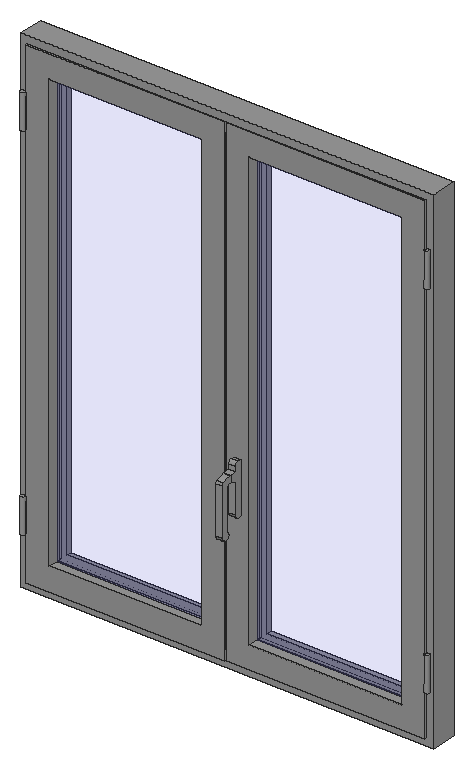
Revit family "2014_Ventana_Carpinteria-Practicable-2-Hojas_Alugom_Serie-ALG-75-Máxima", category Ventanas, Revit 2014
Parameters (values of type "Ventana 2 Hojas Practicables 1230x1480 mm")
  Ventana Oscilante [instance] = no
  Ventana Batiente [instance] = yes
  Uniclass 2.0 Descripción = "Door and window systems"  # constant formula
  Uniclass 2.0 Código = "25-30"  # constant formula
  URL Producto = "http://www.alugom.com/Catalogo/tabid/336/ProdID/31/Language/es-ES/CatID/2/ventana_practicable_de_camara_europea_de_75_mm_con_RPT.aspx"
  URL Poliamida – Catálogo = "http://www.technoform.com/fileadmin/Technoform_Bautec/standardprofiles.html"
  URL Poliamida = "http://www.technoform.es/"
  URL = "http://www.alugom.com/"
  UNSPSC Código = "Windows"  # constant formula
  UNSPSC Categoría = "30171600"  # constant formula
  Transmitancia térmica** = "1.3 W(m²K)"  # constant formula
  Teléfono de Contacto = "+34 91 616 47 27"  # constant formula
  Sección de Marco = 75.000 mm  # constant formula
  Sección de Hoja = 82.000 mm  # constant formula
  Resistencia al viento* = "CLASE C5"  # constant formula
  Poliamida = Poliamida, Technoform Bautec, PA66 GF 25
  Peso máxima por hoja [instance] = if(and(Ventana Batiente, not(Ventana Oscilante)), "120 Kg", if(and(Ventana Oscilante, not([Herraje Oculto Hoja Oscilo-Batiente])), "130 Kg", if(and(Ventana Oscilante, [Herraje Oculto Hoja Oscilo-Batiente]), "170 Kg", "120 Kg")))  # "120 Kg"
  Permeabilidad al aire* = "CLASE 4"  # constant formula
  PERFILES_Junquillo 22mm_Vertical = 4
  PERFILES_Junquillo 22mm_Horizontal = 4
  PERFILES_8428-Vierteaguas_Horizontal = 2
  PERFILES_8412-Pletina falleba_Vertical = 0
  PERFILES_16088H-Acople inversora alg 75_Vertical = 1
  PERFILES_16070H-Cerco ventana alg 75_Vertical = 2
  PERFILES_16070H-Cerco ventana alg 75_Horizontal = 2
  PERFILES_16064H-Hoja ventana alg 75_Vertical = 4
  PERFILES_16064H-Hoja ventana alg 75_Horizontal = 4
  Omniclass Título = "Casment Window"  # constant formula
  Omniclass Código = "23.30.20.17.21.21"  # constant formula
  Modelo = "Serie ALG 75 MAXIMA"  # constant formula
  Masterformat Descripción = "Aluminium Windows"  # constant formula
  Masterformat Código = "08 51 13"  # constant formula
  Marco = Aluminio
  Manija [instance] = if(or(Ventana Oscilante, Ventana Batiente), 1 = 1, 1 = 0)  # yes
  Línea Proyección = (Anchura / 2) - (2 * 12.250 mm)  # 590.500 mm
  IFC Clasificación = ""
  Herraje Oculto Hoja Oscilo-Batiente [instance] = no
  Grosor Acristalamiento Control = if(Grosor Acristalamiento < 26.500 mm, 26.500 mm, if(Grosor Acristalamiento > 60.500 mm, 60.500 mm, Grosor Acristalamiento))  # 39.000 mm
  Grosor Acristalamiento = 39.000 mm
  Fecha Revisión de Contenido = "20/10/2015"  # constant formula
  Fecha de Caducidad de la Información = "01/01/2017"  # constant formula
  Fabricante = "Grupo ALUGOM"  # constant formula
  Estanqueidad al aire* = "CLASE E1650"  # constant formula
  Email de Contacto = "alugom@alugom.com"  # constant formula
  Detalle Perfileria 16088H+16070H + 16064H [instance] = yes
  Desfase Interior Real [instance] = Desfase Interior + 75.000 mm  # 75.000 mm
  Desfase Interior [instance] = 0.000 mm
  Descripción = "Ventana 2 hojas practicables con rotura de puente térmico"  # constant formula
  Creado por = "Bimetica Parametric Design Services S.L."  # constant formula
  Configuración de poliamidas = "Poliamidas P66 GF25Technoform Bautec de la serie Standar. Referencias: 429300, 268400, 425100, 380000 "  # constant formula
  Comentarios de tipo = "UNA VENTANA TOP CON LA EFICIENCIA ENERGETICA DEL FUTURO\r\nCon la nueva ALG 75 MAXIMA y su valor medio Uf de 1,26 W/m2K el ahorro en calefacción está asegurado. Este sistema de carpintería posee una eficiencia energética mayor que muchas ventanas de PVC o madera, satisfaciendo los requisitos mas exigentes en aislamiento térmico. Y todo ello, sin renunciar a las ventajas de resistencia, durabilidad, elegancia y posibilidades de diseño del aluminio. Estos increíbles valores de aislamiento térmico se consiguen mediante las poliamidas de 'alas' y 'celdas', la doble junta central y la colocación de 'foam' por debajo del cristal.\r\nSe trata de un sistema de carpintería de tres cámaras con rotura de puente térmico para puertas y ventanas, que con un diseño robusto, una gran versatilidad  y un alto aislamiento térmico, está especialmente diseñado para que el montaje sea fácil. La hoja de 81 mm de esta ventana permite hasta 60 mm de galce, pudiéndose realizar grandes ventanales para mejorar el confort y la luminosidad de las viviendas o edificios. \r\n\r\nVentana de elegante sofisticación ideal para quien busque una arquitectura sostenible con un diseño vanguardista."  # constant formula
  COBie Categoría = ""
  Bimetica = "http://www.bimetica.com"
  Anchura Real = if(Anchura < 500.000 mm, 500.000 mm, if(Anchura > (2 * 1700.000 mm), 2 * 1700.000 mm, Anchura))  # 1230.000 mm
  Altura Real = if(Altura < 500.000 mm, 500.000 mm, if(Altura > 2500.000 mm, 2500.000 mm, Altura))  # 1480.000 mm
  Altura Manija [instance] = 500.000 mm
  Altura Cristal = Altura - 73.050 mm  # 1406.950 mm
  Altura Hoja = Altura - 27.000 mm  # 1453.000 mm
  Altura = 1480.000 mm
  Altura de antepecho por defecto = 900.000 mm
  Cierre de muro = Por anfitrión
  Anchura = 1230.000 mm
  Aislamiento acústico*** = "40 (-2,-6) dB"  # constant formula
  Acristalamiento = Vidrio
  ACCESORIOS_5105-Ángulo vulcanizado junta central = 8
  ACCESORIOS_5085 Junta perimetral hoja alg (L) = 2
  ACCESORIOS_5085 Junta perimetral hoja alg (H) = 4
  ACCESORIOS_5079-Manilla Inox recta = 1
  ACCESORIOS_5074-Refuerzo junta central (L) = 2
  ACCESORIOS_5074-Refuerzo junta central (H) = 3
  ACCESORIOS_5073-Junta central alg (L) = 2
  ACCESORIOS_5073-Junta central alg (H) = 3
  ACCESORIOS_4850-Junta exterior acrist. c/alas (L) = 2
  ACCESORIOS_4850-Junta exterior acrist. c/alas (H) = 4
  ACCESORIOS_4847-Escuadra cerco-hoja = 12
  ACCESORIOS_4739-Terminal pletina metálico = 2
  ACCESORIOS_4720-Cerradero lateral doble = 2
  ACCESORIOS_4710-Escuadra alineamiento (14mm) = 20
  ACCESORIOS_4613-Mecanismo cuadradillo pract. = 1
  ACCESORIOS_4390-Bisagra pract. = 4
  ACCESORIOS_4337-Embellecedor salida agua = 2
  ACCESORIOS_4008-Patín apoyo hoja = 1
  ACCESORIOS_1306-Escuadra exterior = 12
  *** Info = "Ventana de 2 hojas de 1230x1480 mm; Vidrio Rw: 40 (-2,-6) dB"  # constant formula
  ** Info = "Ventana de 1 hoja de 1230x1480 mm; Vidrio Uv: 0,7W(m²K) "  # constant formula
  * Info = "Ventana de 2 hojas de 1230x1480 mm"  # constant formula
Reference planes
  plane 1 "Centro (Frontal/Posterior)": y = 0
  plane 2 "Centro (Izquierda/Derecha)": x = 0
  plane 3 "Izquierda": x = -615
  plane 4 "Derecha": x = 615
  plane 5 "Antepecho": z = 900
  plane 6 "Extremo inicial": z = 2380
  plane 7 "Exterior": y = 100
  plane 8 "Interior": y = -100
  plane 9 "centro carpinteria": y = -25
  plane 10 "Manija": x = 37.001
  plane 11 "altura Manija": z = 1400
Forms (mm)
  Sweep 1, solid, material "Aluminio" <- "Marco", detail levels medium+fine
    path origin (0, -25, 0) x (-1, 0, 0) y (0, 0, 1)
      loop
        line (-615, 2380) -> (-615, 900) -> (615, 900) -> (615, 2380) -> (-615, 2380)
    profile origin (615, -25, 1640) x (0, 1, 0) y (-1, 0, 0)
      loop
        line (0, 0) -> (0, 49) -> (-4, 49) -> (-4, 27) -> (-75, 27) -> (-75, 0) -> (0, 0)
  Sweep 2, solid, material "Aluminio" <- "Marco", detail levels medium+fine
    path origin (0, -25, 0) x (-1, 0, 0) y (0, 0, 1)
      loop
        line (-615, 900) -> (18, 900) -> (18, 2380) -> (-615, 2380) -> (-615, 900)
    profile origin (615, -25, 1640) x (1, 0, 0) y (0, 1, 0)
      loop
        line (-37.27, -48.401) -> (-37.27, -16) -> (-48.463, -16) -> (-48.463, -6.4) -> (-45.497, -6.4) -> (-45.497, -5) -> (-54.995, -5) -> (-54.995, 0) -> (-89.002, 0) -> (-89.002, -15.203) -> (-64.982, -15.203) -> (-64.982, -34.703) -> (-64.982, -54.203) -> (-89.002, -54.203) -> (-89.002, -82) -> (-21, -82) -> (-21, -78.5) -> (-38.502, -78.5) -> (-38.502, -53.6) -> (-46.466, -53.6) -> (-46.466, -48.401) -> (-37.27, -48.401)
  Sweep 3, solid, material "Aluminio" <- "Marco", detail levels coarse
    path origin (0, -25, 0) x (-1, 0, 0) y (0, 0, 1)
      loop
        line (-615, 2380) -> (-615, 900) -> (615, 900) -> (615, 2380) -> (-615, 2380)
    profile origin (0, -25, 2380) x (0, 0, 1) y (0, 1, 0)
      loop
        line (0, 0) -> (-64.982, 0) -> (-64.982, -75) -> (0, -75) -> (0, 0)
  Extrusion 4, solid, material "Vidrio" <- "Acristalamiento"
    sketch origin (0, 0, 900) x (0, -1, 0) y (1, 0, 0)
      loop
        line (40.203, -541.95) -> (79.203, -541.95) -> (79.203, -55.054) -> (40.203, -55.054) -> (40.203, -541.95)
      loop
        line (40.203, 541.95) -> (40.203, 55.054) -> (79.203, 55.054) -> (79.203, 541.95) -> (40.203, 541.95)
    from 73.05 to 1406.95 <- "Altura Cristal"
  Extrusion 5, solid, material "Aluminio" <- "Marco", visible <- "Manija", detail levels fine
    sketch origin (0, 0, 900) x (0, -1, 0) y (1, 0, 0)
      loop
        arc (101.388, -604.904) -> (114.477, -605.41) -> (104.842, -596.538) r 6.979
        arc (104.842, -596.538) -> (103.415, -596.377) -> (103.009, -595) r 1.298
        line (103.009, -595) -> (103.009, -580.199) -> (103.886, -579.322) -> (103.886, -573.807) -> (101.986, -573.807) -> (101.986, -576.498) -> (78.764, -576.498) -> (78.764, -588) -> (100, -588) -> (100, -600.631) -> (101.388, -604.904)
      loop
        line (101.388, 604.904) -> (100, 600.631) -> (100, 588) -> (78.764, 588) -> (78.764, 576.498) -> (101.986, 576.498) -> (101.986, 573.807) -> (103.886, 573.807) -> (103.886, 579.322) -> (103.009, 580.199) -> (103.009, 595)
        arc (103.009, 595) -> (103.415, 596.377) -> (104.842, 596.538) r 1.298
        arc (104.842, 596.538) -> (114.477, 605.41) -> (101.388, 604.904) r 6.979
    from 150 to 250
  Extrusion 6, solid, material "Aluminio" <- "Marco", visible <- "Manija", detail levels fine
    sketch origin (0, 0, 2380) x (0, -1, 0) y (1, 0, 0)
      loop
        arc (101.388, -604.904) -> (114.477, -605.41) -> (104.842, -596.538) r 6.979
        arc (104.842, -596.538) -> (103.415, -596.377) -> (103.009, -595) r 1.298
        line (103.009, -595) -> (103.009, -580.199) -> (103.886, -579.322) -> (103.886, -573.807) -> (101.986, -573.807) -> (101.986, -576.498) -> (78.764, -576.498) -> (78.764, -588) -> (100, -588) -> (100, -600.631) -> (101.388, -604.904)
      loop
        line (101.388, 604.904) -> (100, 600.631) -> (100, 588) -> (78.764, 588) -> (78.764, 576.498) -> (101.986, 576.498) -> (101.986, 573.807) -> (103.886, 573.807) -> (103.886, 579.322) -> (103.009, 580.199) -> (103.009, 595)
        arc (103.009, 595) -> (103.415, 596.377) -> (104.842, 596.538) r 1.298
        arc (104.842, 596.538) -> (114.477, 605.41) -> (101.388, 604.904) r 6.979
    from -150 to -250
  Extrusion 7, solid, material "Aluminio" <- "Marco", visible <- "Manija", detail levels fine
    sketch origin (37.001, 0, 0) x (0, -1, 0) y (0, 0, 1)
      loop
        line (107, 1325) -> (117, 1325)
        arc (117, 1325) -> (124.071, 1327.929) -> (127, 1335) r 10
        line (127, 1335) -> (127, 1425.581) -> (145.126, 1428.452) -> (145.126, 1448.452) -> (127, 1451.323) -> (127, 1465)
        arc (127, 1465) -> (124.071, 1472.071) -> (117, 1475) r 10
        line (117, 1475) -> (107, 1475) -> (107, 1325)
    from -10 to 10
  Extrusion 8, solid, material "Aluminio" <- "Marco", visible <- "Manija", detail levels fine
    sketch origin (37.001, 0, 0) x (0, -1, 0) y (0, 0, 1)
      loop
        line (145.126, 1428.452) -> (155.126, 1428.452)
        arc (155.126, 1428.452) -> (158.662, 1426.988) -> (160.126, 1423.452) r 5
        line (160.126, 1423.452) -> (160.126, 1302.519)
        arc (160.126, 1302.519) -> (159.505, 1284.55) -> (175.126, 1293.452) r 10.295
        line (175.126, 1293.452) -> (175.126, 1434.132)
        arc (175.126, 1434.132) -> (174.063, 1437.737) -> (171.473, 1440.461) r 8.011
        arc (171.473, 1440.461) -> (158.662, 1445.651) -> (145.126, 1448.452) r 76.54
        line (145.126, 1448.452) -> (145.126, 1428.452)
    from -10 to 10
  Extrusion 9, solid, material "Aluminio" <- "Marco", detail levels medium+fine
    sketch origin (0, 0, 900) x (0, -1, 0) y (1, 0, 0)
      loop
        line (29.697, -31) -> (29.697, -27.199) -> (31.497, -27.199) -> (31.497, -29.362) -> (38.6, -29.362) -> (38.6, -19.27) -> (73.4, -19.27) -> (73.4, -20.3) -> (103.197, -20.3) -> (103.197, -3) -> (99.997, -3) -> (99.997, 8.988) -> (36.8, 8.988) -> (36.8, 1.298) -> (29, 1.298) -> (29, 30.998) -> (25, 30.998) -> (25, -31) -> (29.697, -31)
    from 49 to 1431
  Sweep 10, solid, material "Aluminio" <- "Marco", detail levels medium+fine
    path origin (0, -25, 0) x (-1, 0, 0) y (0, 0, 1)
      loop
        line (615, 900) -> (615, 2380) -> (-18, 2380) -> (-18, 900) -> (615, 900)
    profile origin (-615, -25, 1640) x (1, 0, 0) y (0, 1, 0)
      loop
        line (37.27, -48.401) -> (46.466, -48.401) -> (46.466, -53.6) -> (38.502, -53.6) -> (38.502, -78.5) -> (21, -78.5) -> (21, -82) -> (89.002, -82) -> (89.002, -54.203) -> (64.982, -54.203) -> (64.982, -34.703) -> (64.982, -15.203) -> (89.002, -15.203) -> (89.002, 0) -> (54.995, 0) -> (54.995, -5) -> (45.497, -5) -> (45.497, -6.4) -> (48.463, -6.4) -> (48.463, -16) -> (37.27, -16) -> (37.27, -48.401)
  Extrusion 11, solid, material "Aluminio" <- "Marco", detail levels coarse
    sketch origin (0, 0, 900) x (0, -1, 0) y (1, 0, 0)
      loop
        line (25, 46.982) -> (25, -46.982) -> (100, -46.982) -> (100, 46.982) -> (25, 46.982)
    from 64.982 to 1415.018
Lines and regions (mm)
  Opening 1
    outline origin (3500, -100, 0) x (1, 0, 0) y (0, 0, 1)
      loop
        line (-2885, 900) -> (-2885, 2380) -> (-4115, 2380) -> (-4115, 900) -> (-2885, 900)
  model lines
    curve 1: line (-615, -25, 2380) -> (615, -25, 2380)
    curve 2: line (615, -25, 2380) -> (615, -25, 900)
    curve 3: line (615, -25, 900) -> (-615, -25, 900)
    curve 4: line (-615, -25, 900) -> (-615, -25, 2380)
  symbolic lines, visible <- "Ventana Batiente"
    curve 5: line (-602.748, -108.026, 0) -> (-602.748, -698.526, 0)
    curve 6: line (-615, -25, 2380) -> (0, -25, 1640)
    curve 7: line (0, -25, 1640) -> (-615, -25, 900)
    curve 8: arc (-602.748, -698.526, 900) -> (-185.201, -525.572, 900) -> (-12.248, -108.026, 900) r 590.5
    curve 19: line (602.748, -108.026, 0) -> (602.748, -698.526, 0)
    curve 24: arc (602.748, -698.526, 900) -> (185.201, -525.572, 900) -> (12.248, -108.026, 900) r 590.5
    curve 25: line (615, -25, 2380) -> (0, -25, 1640)
    curve 26: line (0, -25, 1640) -> (615, -25, 900)
  symbolic lines, detail levels medium+fine
    curve 9: line (-541.95, -74.203, 900) -> (-55.054, -74.203, 900)
    curve 10: line (-55.054, -45.203, 900) -> (-541.95, -45.203, 900)
    curve 11: line (-55.054, -57.203, 900) -> (-541.95, -57.203, 900)
    curve 12: line (-55.054, -62.203, 900) -> (-541.95, -62.203, 900)
    curve 13: line (-615, -45.203, 2306.95) -> (-615, -45.203, 973.05)
    curve 14: line (-615, -57.203, 2306.95) -> (-615, -57.203, 973.05)
    curve 15: line (-615, -62.203, 2306.95) -> (-615, -62.203, 973.05)
    curve 16: line (-615, -74.203, 2306.95) -> (-615, -74.203, 973.05)
    curve 17: line (-541.95, -40.203, 900) -> (-541.95, -79.203, 900)
    curve 18: line (541.95, -40.203, 900) -> (541.95, -79.203, 900)
    curve 20: line (541.95, -74.203, 900) -> (55.054, -74.203, 900)
    curve 21: line (55.054, -45.203, 900) -> (541.95, -45.203, 900)
    curve 22: line (55.054, -57.203, 900) -> (541.95, -57.203, 900)
    curve 23: line (55.054, -62.203, 900) -> (541.95, -62.203, 900)
    curve 29: line (-55.054, -40.203, 900) -> (-55.054, -79.203, 900)
    curve 30: line (55.054, -40.203, 900) -> (55.054, -79.203, 900)
  symbolic lines, visible <- "Ventana Oscilante"
    curve 27: line (615, -25, 900) -> (307.5, -25, 2359)
    curve 28: line (307.5, -25, 2359) -> (0, -25, 900)
Text (mm)
  text "EXTERIOR" at (-1963.203, 1332.353, 0), in view "Nivel de referencia"
  text "INTERIOR" at (-1981.466, -818.386, 0), in view "Nivel de referencia"
  text "Exterior" at (0, 923.751, 2943.296), in view "Derecha"
  text "Exterior" at (0, 1040.484, 2685.409), in view "Izquierda"
Dimensions and locks
  equal spacing: plane 3 "Izquierda", plane 2 "Centro (Izquierda/Derecha)", plane 4 "Derecha"
  "Anchura Real": plane 3 "Izquierda" to plane 4 "Derecha"
  "Altura Real": plane 5 "Antepecho" to plane 6 "Extremo inicial"
  "Altura de antepecho por defecto": plane 5 "Antepecho" to level
  locked: plane 7 "Exterior" to host wall at 0
  locked: plane 8 "Interior" to host wall
  Sweep 3 sketch curve to profile plane = 75.000 mm
  Sweep 3 sketch curve to plane 6 "Extremo inicial" = 64.982 mm
  equal spacing: plane 6 "Extremo inicial", curve 7, plane 5 "Antepecho"
  "Desfase Interior Real": plane 9 "centro carpinteria" to plane 8 "Interior"
  "Línea Proyección": curve 5 to curve 5
  locked: plane 3 "Izquierda" to curve 8 at 12.252
  equal spacing: Sweep 2 sketch curve, Sweep 2 sketch curve, Sweep 2 sketch curve
  "Grosor Acristalamiento Control": Sweep 2 sketch curve to Sweep 2 sketch curve
  locked: plane 3 "Izquierda" to Extrusion 4 sketch curve at 73.05
  plane 3 "Izquierda" to Extrusion 5 sketch curve to Extrusion 5 sketch curve to Extrusion 5 sketch curve to Extrusion 5 sketch curve to Extrusion 5 sketch curve to Extrusion 5 sketch curve to Extrusion 5 sketch curve to Extrusion 5 sketch curve = 12.252 mm locked, 2.116 mm locked, 5.249 mm locked, 7.383 mm locked, 7.801 mm locked, 0.877 mm locked, 2.823 mm locked, 2.691 mm locked
  plane 9 "centro carpinteria" to Extrusion 5 sketch curve to Extrusion 5 sketch curve to Extrusion 5 sketch curve to Extrusion 5 sketch curve to Extrusion 5 sketch curve to Extrusion 5 sketch curve to Extrusion 5 sketch curve to Extrusion 5 sketch curve = 53.764 mm locked, 21.236 mm locked, 1.388 mm locked, 0.598 mm locked, 1.023 mm locked, 0.877 mm locked, 0.363 mm locked, 3.776 mm locked
  Extrusion 6 sketch curve to Extrusion 6 sketch curve to Extrusion 6 sketch curve to Extrusion 6 sketch curve to Extrusion 6 sketch curve to Extrusion 6 sketch curve to Extrusion 6 sketch curve to Extrusion 6 sketch curve = 21.236 mm locked, 1.388 mm locked, 0.598 mm locked, 1.023 mm locked, 0.877 mm locked, 0.363 mm locked, 3.776 mm locked
  locked: plane 9 "centro carpinteria" to Extrusion 6 sketch curve at 53.764
  locked: plane 9 "centro carpinteria" to curve 8 at 83.026
  locked: plane 3 "Izquierda" to curve 5 at 12.252
  locked: plane 9 "centro carpinteria" to curve 5 at 83.026
  plane 9 "centro carpinteria" to curve 13 to curve 14 to curve 15 to curve 16 = 20.203 mm locked, 12.000 mm locked, 5.000 mm locked, 12.000 mm locked
  "Altura Manija": plane 5 "Antepecho" to plane 11 "altura Manija"
  plane 11 "altura Manija" to Extrusion 7 sketch curve to Extrusion 7 sketch curve to Extrusion 7 sketch curve to Extrusion 7 sketch curve to Extrusion 7 sketch curve to Extrusion 7 sketch curve = 25.581 mm locked, 2.871 mm locked, 20.000 mm locked, 2.871 mm locked, 13.677 mm locked, 10.000 mm locked
  Extrusion 7 sketch curve to Extrusion 7 sketch curve to plane 11 "altura Manija" = 10.000 mm locked, 65.000 mm locked
  plane 9 "centro carpinteria" to Extrusion 7 sketch curve to Extrusion 7 sketch curve to Extrusion 7 sketch curve to Extrusion 7 sketch curve = 82.000 mm locked, 10.000 mm locked, 10.000 mm locked, 18.126 mm locked
  locked: plane 9 "centro carpinteria" to Extrusion 7 sketch curve at 102
  plane 11 "altura Manija" to Extrusion 8 sketch curve to Extrusion 8 sketch curve to Extrusion 8 sketch curve to Extrusion 8 sketch curve = 23.452 mm locked, 5.000 mm locked, 5.280 mm locked, 14.720 mm locked
  Extrusion 8 sketch curve to Extrusion 8 sketch curve to Extrusion 8 sketch curve to plane 11 "altura Manija" = 9.158 mm locked, 69.888 mm locked, 27.593 mm locked
  plane 9 "centro carpinteria" to Extrusion 8 sketch curve to Extrusion 8 sketch curve to Extrusion 8 sketch curve to Extrusion 8 sketch curve to Extrusion 8 sketch curve to Extrusion 8 sketch curve to Extrusion 8 sketch curve = 111.444 mm locked, 8.682 mm locked, 10.000 mm locked, 5.000 mm locked, 4.705 mm locked, 2.294 mm locked, 8.001 mm locked
  locked: plane 2 "Centro (Izquierda/Derecha)" to Sweep 10 sketch curve at 18
  equal spacing: Sweep 10 sketch curve, Sweep 10 sketch curve, Sweep 10 sketch curve
  "Grosor Acristalamiento Control": Sweep 10 sketch curve to Sweep 10 sketch curve
  profile plane to Sweep 2 sketch curve to Sweep 2 sketch curve to Sweep 2 sketch curve to Sweep 2 sketch curve to Sweep 2 sketch curve to Sweep 2 sketch curve to Sweep 2 sketch curve to Sweep 2 sketch curve = 5.000 mm locked, 1.400 mm locked, 9.600 mm locked, 18.703 mm locked, 13.698 mm locked, 5.199 mm locked, 24.900 mm locked, 3.500 mm locked
  Sweep 2 sketch curve to Sweep 2 sketch curve to Sweep 2 sketch curve to Sweep 2 sketch curve to Sweep 2 sketch curve to Sweep 2 sketch curve to Sweep 2 sketch curve to Sweep 2 sketch curve to Sweep 2 sketch curve to Sweep 2 sketch curve to Sweep 2 sketch curve to profile plane = 0.000 mm locked, 24.020 mm locked, 0.000 mm locked, 9.987 mm locked, 6.532 mm locked, 1.997 mm locked, 0.969 mm locked, 6.995 mm locked, 1.232 mm locked, 16.270 mm locked, 21.000 mm locked
  profile plane to Sweep 10 sketch curve to Sweep 10 sketch curve to Sweep 10 sketch curve to Sweep 10 sketch curve to Sweep 10 sketch curve to Sweep 10 sketch curve to Sweep 10 sketch curve to Sweep 10 sketch curve to Sweep 10 sketch curve to Sweep 10 sketch curve to Sweep 10 sketch curve = 21.000 mm locked, 16.270 mm locked, 1.232 mm locked, 6.995 mm locked, 0.969 mm locked, 1.997 mm locked, 6.532 mm locked, 9.987 mm locked, 0.000 mm locked, 24.020 mm locked, 0.000 mm locked
  profile plane to Sweep 10 sketch curve to Sweep 10 sketch curve to Sweep 10 sketch curve to Sweep 10 sketch curve to Sweep 10 sketch curve to Sweep 10 sketch curve to Sweep 10 sketch curve to Sweep 10 sketch curve = 5.000 mm locked, 1.400 mm locked, 9.600 mm locked, 18.703 mm locked, 13.698 mm locked, 5.199 mm locked, 24.900 mm locked, 3.500 mm locked
  plane 2 "Centro (Izquierda/Derecha)" to Extrusion 9 sketch curve to Extrusion 9 sketch curve to Extrusion 9 sketch curve = 1.298 mm locked, 7.690 mm locked, 22.010 mm locked
  Extrusion 9 sketch curve to Extrusion 9 sketch curve to Extrusion 9 sketch curve to Extrusion 9 sketch curve to Extrusion 9 sketch curve to Extrusion 9 sketch curve to plane 2 "Centro (Izquierda/Derecha)" = 1.638 mm locked, 2.163 mm locked, 6.899 mm locked, 1.030 mm locked, 16.270 mm locked, 3.000 mm locked
  plane 9 "centro carpinteria" to Extrusion 9 sketch curve to Extrusion 9 sketch curve to Extrusion 9 sketch curve to Extrusion 9 sketch curve to Extrusion 9 sketch curve to Extrusion 9 sketch curve to Extrusion 9 sketch curve to Extrusion 9 sketch curve = 4.000 mm locked, 0.697 mm locked, 1.800 mm locked, 5.303 mm locked, 1.800 mm locked, 34.800 mm locked, 26.597 mm locked, 3.200 mm locked
  "Línea Proyección": curve 19 to curve 19
  locked: plane 6 "Extremo inicial" to Extrusion 9 at 49
  locked: Extrusion 4 sketch curve to plane 2 "Centro (Izquierda/Derecha)" at 55.054
  locked: plane 2 "Centro (Izquierda/Derecha)" to Extrusion 4 sketch curve at 55.054
  locked: Extrusion 4 sketch curve to plane 4 "Derecha" at 73.05
  locked: plane 2 "Centro (Izquierda/Derecha)" to plane 10 "Manija" at 37.001
  locked: curve 19 to plane 4 "Derecha" at 12.252
  locked: curve 24 to plane 4 "Derecha" at 12.252
  locked: plane 9 "centro carpinteria" to curve 24 at 83.026
  locked: plane 9 "centro carpinteria" to curve 19 at 83.026
  locked: plane 2 "Centro (Izquierda/Derecha)" to curve 7 at 0
  equal spacing: plane 2 "Centro (Izquierda/Derecha)", curve 28, plane 4 "Derecha"
  plane 9 "centro carpinteria" to Extrusion 5 sketch curve to Extrusion 5 sketch curve to Extrusion 5 sketch curve to Extrusion 5 sketch curve to Extrusion 5 sketch curve to Extrusion 5 sketch curve to Extrusion 5 sketch curve = 53.764 mm locked, 21.236 mm locked, 1.986 mm locked, 1.023 mm locked, 0.877 mm locked, 0.363 mm locked, 3.776 mm locked
  plane 9 "centro carpinteria" to Extrusion 6 sketch curve to Extrusion 6 sketch curve to Extrusion 6 sketch curve to Extrusion 6 sketch curve to Extrusion 6 sketch curve to Extrusion 6 sketch curve to Extrusion 6 sketch curve = 53.764 mm locked, 21.236 mm locked, 1.986 mm locked, 1.023 mm locked, 0.877 mm locked, 0.363 mm locked, 3.776 mm locked
  Extrusion 6 sketch curve to Extrusion 6 sketch curve to Extrusion 6 sketch curve to Extrusion 6 sketch curve to Extrusion 6 sketch curve to Extrusion 6 sketch curve to Extrusion 6 sketch curve to Extrusion 6 sketch curve to plane 4 "Derecha" = 2.691 mm locked, 2.823 mm locked, 0.877 mm, 7.801 mm, 7.383 mm locked, 5.249 mm locked, 2.116 mm locked, 12.252 mm locked
  plane 3 "Izquierda" to Extrusion 6 sketch curve to Extrusion 6 sketch curve to Extrusion 6 sketch curve to Extrusion 6 sketch curve to Extrusion 6 sketch curve to Extrusion 6 sketch curve to Extrusion 6 sketch curve to Extrusion 6 sketch curve = 12.252 mm locked, 2.116 mm locked, 5.249 mm locked, 7.383 mm locked, 7.801 mm locked, 0.877 mm locked, 2.823 mm locked, 2.691 mm locked
  Extrusion 5 sketch curve to Extrusion 5 sketch curve to Extrusion 5 sketch curve to Extrusion 5 sketch curve to Extrusion 5 sketch curve to Extrusion 5 sketch curve to Extrusion 5 sketch curve to Extrusion 5 sketch curve to plane 4 "Derecha" = 2.691 mm locked, 2.823 mm locked, 0.877 mm locked, 7.801 mm locked, 7.383 mm locked, 5.249 mm locked, 2.116 mm locked, 12.252 mm locked
  plane 9 "centro carpinteria" to curve 10 to curve 11 to curve 12 to curve 9 = 20.203 mm locked, 12.000 mm locked, 5.000 mm locked, 12.000 mm locked
  plane 9 "centro carpinteria" to curve 17 to curve 17 = 15.203 mm locked, 39.000 mm locked
  plane 9 "centro carpinteria" to curve 29 to curve 29 = 15.203 mm locked, 39.000 mm locked
  plane 9 "centro carpinteria" to curve 30 to curve 30 = 15.203 mm locked, 39.000 mm locked
  plane 9 "centro carpinteria" to curve 18 to curve 18 = 15.203 mm locked, 39.000 mm locked
  Extrusion 11 sketch curve to plane 2 "Centro (Izquierda/Derecha)" to Extrusion 11 sketch curve = 46.982 mm locked, 46.982 mm locked
  locked: plane 9 "centro carpinteria" to Extrusion 11 sketch curve at 75
  "Línea Proyección": radius of curve 8
  "Línea Proyección": radius of curve 24
  aligned and locked: plane 4 "Derecha" to Sweep 2 sketch curve
  aligned and locked: Sweep 2 sketch curve to plane 5 "Antepecho"
  aligned and locked: Sweep 3 sketch curve to plane 6 "Extremo inicial"
  aligned and locked: plane 3 "Izquierda" to Sweep 3 sketch curve
  aligned and locked: plane 5 "Antepecho" to Sweep 3 sketch curve
  aligned and locked: Sweep 3 sketch curve to plane 4 "Derecha"
  aligned and locked: Sweep 3 sketch curve to profile plane
  aligned and locked: plane 9 "centro carpinteria" to Sweep 3 sketch curve
  aligned and locked: plane 3 "Izquierda" to curve 6
  aligned and locked: plane 3 "Izquierda" to curve 7
  aligned and locked: plane 6 "Extremo inicial" to curve 6
  aligned and locked: profile plane to Sweep 1 sketch curve
  aligned and locked: Sweep 1 sketch curve to profile plane
  aligned and locked: Sweep 2 sketch curve to Sweep 3
  aligned and locked: profile plane to Sweep 2 sketch curve
  aligned and locked: Sweep 3 to plane 4 "Derecha"
  aligned and locked: plane 9 "centro carpinteria" to Sweep 3
  aligned and locked: nested 1 to plane 6 "Extremo inicial"
  aligned and locked: nested 1 to plane 9 "centro carpinteria"
  aligned and locked: nested 2 to plane 5 "Antepecho"
  aligned and locked: plane 9 "centro carpinteria" to nested 2
  aligned and locked: Extrusion 4 to curve 13  (x2)
  aligned and locked: Extrusion 4 to curve 14  (x2)
  aligned and locked: Extrusion 4 to curve 15  (x2)
  aligned and locked: Extrusion 4 to curve 16  (x2)
  aligned and locked: plane 9 "centro carpinteria" to nested 3
  aligned and locked: plane 4 "Derecha" to nested 3
  aligned and locked: nested 4 to plane 9 "centro carpinteria"
  aligned and locked: plane 3 "Izquierda" to nested 4
  aligned and locked: plane 9 "centro carpinteria" to nested 5
  aligned and locked: Sweep 10 sketch curve to plane 3 "Izquierda"
  aligned and locked: plane 6 "Extremo inicial" to Sweep 10 sketch curve
  aligned and locked: Sweep 10 sketch curve to plane 5 "Antepecho"
  aligned and locked: plane 9 "centro carpinteria" to Extrusion 9 sketch curve
  aligned and locked: Sweep 10 sketch curve to profile plane
  aligned and locked: Extrusion 4 to curve 9
  aligned and locked: curve 17 to curve 11
  aligned and locked: Extrusion 4 to curve 12
  aligned and locked: curve 10 to curve 21
  aligned and locked: curve 11 to curve 22
  aligned and locked: curve 12 to curve 23
  aligned and locked: curve 20 to curve 9
  aligned and locked: Extrusion 4 to curve 23
  aligned and locked: Extrusion 4 to curve 20
  aligned and locked: Extrusion 4 to curve 21
  aligned and locked: Extrusion 4 to curve 22
  aligned and locked: plane 2 "Centro (Izquierda/Derecha)" to curve 28
  aligned and locked: plane 4 "Derecha" to curve 27
  aligned and locked: plane 5 "Antepecho" to curve 27
  aligned and locked: plane 5 "Antepecho" to curve 28
  aligned and locked: Sweep 2 to curve 27
  aligned and locked: plane 4 "Derecha" to curve 25
  aligned and locked: plane 6 "Extremo inicial" to curve 25
  aligned and locked: plane 9 "centro carpinteria" to Extrusion 11 sketch curve
  aligned and locked: Extrusion 11 to Sweep 3  (x2)
  aligned and locked: curve 29 to Extrusion 4
  aligned and locked: Sweep 10 to Extrusion 4 sketch curve  (x2)
  aligned and locked: Extrusion 4 sketch curve to Extrusion 4 sketch curve  (x2)
Automatic sketch dimensions
  plane 3 "Izquierda" to Opening 1 sketch curve = 0.000 mm
  plane 4 "Derecha" to Opening 1 sketch curve = 0.000 mm
  Opening 1 sketch curve to plane 5 "Antepecho" = 0.000 mm
  Opening 1 sketch curve to plane 6 "Extremo inicial" = 0.000 mm
  plane 4 "Derecha" to Sweep 1 sketch curve = 0.000 mm
  plane 3 "Izquierda" to Sweep 1 sketch curve = 0.000 mm
  Sweep 1 sketch curve to plane 5 "Antepecho" = 0.000 mm
  Sweep 1 sketch curve to plane 6 "Extremo inicial" = 0.000 mm
  plane 2 "Centro (Izquierda/Derecha)" to Sweep 2 sketch curve = 18.000 mm
  Sweep 1 sketch curve to plane 9 "centro carpinteria" = 4.000 mm
  Sweep 1 sketch curve to profile plane = 27.000 mm
  Sweep 1 sketch curve to Sweep 1 sketch curve = 71.000 mm
  Sweep 1 sketch curve to Sweep 1 sketch curve = 22.000 mm
  plane 4 "Derecha" to Extrusion 5 sketch curve = 10.096 mm
  Extrusion 5 sketch curve to Extrusion 5 sketch curve = 1.388 mm
  Extrusion 5 sketch curve to Extrusion 5 sketch curve = 4.273 mm
  Extrusion 5 sketch curve to Extrusion 5 sketch curve = 0.383 mm  (x2)
  plane 4 "Derecha" to Extrusion 6 sketch curve = 10.096 mm
  Extrusion 6 sketch curve to Extrusion 6 sketch curve = 1.388 mm
  Extrusion 6 sketch curve to Extrusion 6 sketch curve = 4.273 mm
  Extrusion 6 sketch curve to Extrusion 6 sketch curve = 0.383 mm  (x2)
  Extrusion 8 sketch curve to Extrusion 8 sketch curve = 0.400 mm
Nested families
  nested 1: "16070H+16064H" at (-615, -25, 2380) x (0, 0, 1) z (-1, 0, 0), visible <- "Detalle Perfileria 16088H+16070H + 16064H", type "16070H+16064H", detail levels fine
  nested 2: "16070H+16064H" at (-615, -25, 900) x (0, 0, -1) z (-1, 0, 0), visible <- "Detalle Perfileria 16088H+16070H + 16064H", type "16070H+16064H", detail levels fine
  nested 3: "16070H+16064H" at (615, -25, 900) x (1, 0, 0) z (0, 0, -1), visible <- "Detalle Perfileria 16088H+16070H + 16064H", type "16070H+16064H", detail levels fine
  nested 4: "16070H+16064H" at (-615, -25, 900) x (-1, 0, 0) z (0, 0, -1), visible <- "Detalle Perfileria 16088H+16070H + 16064H", type "16070H+16064H", detail levels fine
  nested 5: "16088H+16064H" at (0, -25, 900) x (1, 0, 0) z (0, 0, -1), visible <- "Detalle Perfileria 16088H+16070H + 16064H", type "16088H+16064H", detail levels fine
Definition of nested family "16070H+16064H"
  Reference planes
    plane 1: y = 0
    plane 2: x = 0
Definition of nested family "16088H+16064H"
  Reference planes
    plane 1: y = 0
    plane 2: x = 0
